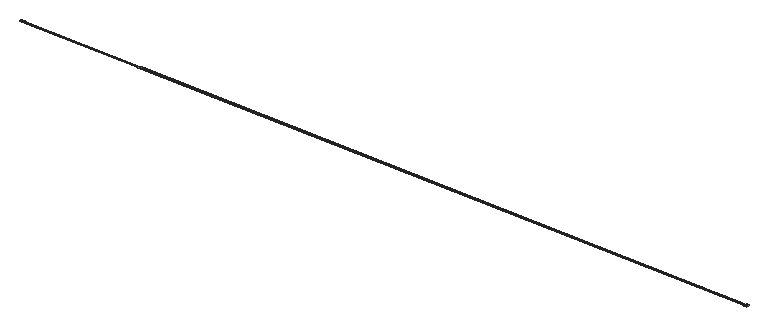
Revit family "0068188", category Lighting Fixtures, host Face, Revit 2017 (continued)
Forms (mm)
  Extrusion 52, solid
    sketch origin (4396.767, 0, 0) x (1, 0, 0) y (0, 1, 0)
      loop
        line (96.9, -1.7) -> (96.9, 1.7) -> (94.1, 1.7) -> (94.1, -1.7) -> (96.9, -1.7)
    from -1.2 to 0
  Extrusion 53, solid
    sketch origin (4496.694, 0, 0) x (1, 0, 0) y (0, 1, 0)
      loop
        line (9.4, -1.7) -> (9.4, 1.7) -> (6.6, 1.7) -> (6.6, -1.7) -> (9.4, -1.7)
      loop
        line (19.1, 1.7) -> (19.1, -1.7) -> (21.9, -1.7) -> (21.9, 1.7) -> (19.1, 1.7)
      loop
        line (34.4, -1.7) -> (34.4, 1.7) -> (31.6, 1.7) -> (31.6, -1.7) -> (34.4, -1.7)
      loop
        line (46.9, -1.7) -> (46.9, 1.7) -> (44.1, 1.7) -> (44.1, -1.7) -> (46.9, -1.7)
      loop
        line (59.4, -1.7) -> (59.4, 1.7) -> (56.6, 1.7) -> (56.6, -1.7) -> (59.4, -1.7)
      loop
        line (71.9, -1.7) -> (71.9, 1.7) -> (69.1, 1.7) -> (69.1, -1.7) -> (71.9, -1.7)
      loop
        line (84.4, -1.7) -> (84.4, 1.7) -> (81.6, 1.7) -> (81.6, -1.7) -> (84.4, -1.7)
      loop
        line (96.9, -1.7) -> (96.9, 1.7) -> (94.1, 1.7) -> (94.1, -1.7) -> (96.9, -1.7)
    from -1.2 to 0
  Extrusion 54, solid
    sketch origin (4596.62, 0, 0) x (1, 0, 0) y (0, 1, 0)
      loop
        line (9.4, -1.7) -> (9.4, 1.7) -> (6.6, 1.7) -> (6.6, -1.7) -> (9.4, -1.7)
      loop
        line (19.1, 1.7) -> (19.1, -1.7) -> (21.9, -1.7) -> (21.9, 1.7) -> (19.1, 1.7)
      loop
        line (34.4, -1.7) -> (34.4, 1.7) -> (31.6, 1.7) -> (31.6, -1.7) -> (34.4, -1.7)
      loop
        line (46.9, -1.7) -> (46.9, 1.7) -> (44.1, 1.7) -> (44.1, -1.7) -> (46.9, -1.7)
      loop
        line (59.4, -1.7) -> (59.4, 1.7) -> (56.6, 1.7) -> (56.6, -1.7) -> (59.4, -1.7)
      loop
        line (71.9, -1.7) -> (71.9, 1.7) -> (69.1, 1.7) -> (69.1, -1.7) -> (71.9, -1.7)
      loop
        line (84.4, -1.7) -> (84.4, 1.7) -> (81.6, 1.7) -> (81.6, -1.7) -> (84.4, -1.7)
      loop
        line (96.9, -1.7) -> (96.9, 1.7) -> (94.1, 1.7) -> (94.1, -1.7) -> (96.9, -1.7)
    from -1.2 to 0
  Extrusion 55, solid
    sketch origin (4696.547, 0, 0) x (1, 0, 0) y (0, 1, 0)
      loop
        line (9.4, -1.7) -> (9.4, 1.7) -> (6.6, 1.7) -> (6.6, -1.7) -> (9.4, -1.7)
      loop
        line (19.1, 1.7) -> (19.1, -1.7) -> (21.9, -1.7) -> (21.9, 1.7) -> (19.1, 1.7)
      loop
        line (34.4, -1.7) -> (34.4, 1.7) -> (31.6, 1.7) -> (31.6, -1.7) -> (34.4, -1.7)
      loop
        line (46.9, -1.7) -> (46.9, 1.7) -> (44.1, 1.7) -> (44.1, -1.7) -> (46.9, -1.7)
      loop
        line (59.4, -1.7) -> (59.4, 1.7) -> (56.6, 1.7) -> (56.6, -1.7) -> (59.4, -1.7)
      loop
        line (71.9, -1.7) -> (71.9, 1.7) -> (69.1, 1.7) -> (69.1, -1.7) -> (71.9, -1.7)
      loop
        line (84.4, -1.7) -> (84.4, 1.7) -> (81.6, 1.7) -> (81.6, -1.7) -> (84.4, -1.7)
      loop
        line (96.9, -1.7) -> (96.9, 1.7) -> (94.1, 1.7) -> (94.1, -1.7) -> (96.9, -1.7)
    from -1.2 to 0
  Extrusion 56, solid
    sketch origin (4796.473, 0, 0) x (1, 0, 0) y (0, 1, 0)
      loop
        line (9.4, -1.7) -> (9.4, 1.7) -> (6.6, 1.7) -> (6.6, -1.7) -> (9.4, -1.7)
      loop
        line (19.1, 1.7) -> (19.1, -1.7) -> (21.9, -1.7) -> (21.9, 1.7) -> (19.1, 1.7)
      loop
        line (34.4, -1.7) -> (34.4, 1.7) -> (31.6, 1.7) -> (31.6, -1.7) -> (34.4, -1.7)
      loop
        line (46.9, -1.7) -> (46.9, 1.7) -> (44.1, 1.7) -> (44.1, -1.7) -> (46.9, -1.7)
      loop
        line (59.4, -1.7) -> (59.4, 1.7) -> (56.6, 1.7) -> (56.6, -1.7) -> (59.4, -1.7)
      loop
        line (71.9, -1.7) -> (71.9, 1.7) -> (69.1, 1.7) -> (69.1, -1.7) -> (71.9, -1.7)
      loop
        line (84.4, -1.7) -> (84.4, 1.7) -> (81.6, 1.7) -> (81.6, -1.7) -> (84.4, -1.7)
      loop
        line (96.9, -1.7) -> (96.9, 1.7) -> (94.1, 1.7) -> (94.1, -1.7) -> (96.9, -1.7)
    from -1.2 to 0
  Extrusion 57, solid
    sketch origin (4896.4, 0, 0) x (1, 0, 0) y (0, 1, 0)
      loop
        line (52.9, -1.5) -> (52.9, 1.5) -> (50.6, 1.5) -> (50.6, -1.5) -> (52.9, -1.5)
    from -1.2 to -0.5
  Extrusion 58, solid
    sketch origin (99.927, 0, 0) x (1, 0, 0) y (0, 1, 0)
      loop
        line (52.9, -1.5) -> (52.9, 1.5) -> (50.6, 1.5) -> (50.6, -1.5) -> (52.9, -1.5)
    from -1.2 to -0.5
  Extrusion 59, solid
    sketch origin (199.853, 0, 0) x (1, 0, 0) y (0, 1, 0)
      loop
        line (52.9, -1.5) -> (52.9, 1.5) -> (50.6, 1.5) -> (50.6, -1.5) -> (52.9, -1.5)
    from -1.2 to -0.5
  Extrusion 60, solid
    sketch origin (299.78, 0, 0) x (1, 0, 0) y (0, 1, 0)
      loop
        line (52.9, -1.5) -> (52.9, 1.5) -> (50.6, 1.5) -> (50.6, -1.5) -> (52.9, -1.5)
    from -1.2 to -0.5
  Extrusion 61, solid
    sketch origin (399.706, 0, 0) x (1, 0, 0) y (0, 1, 0)
      loop
        line (52.9, -1.5) -> (52.9, 1.5) -> (50.6, 1.5) -> (50.6, -1.5) -> (52.9, -1.5)
    from -1.2 to -0.5
  Extrusion 62, solid
    sketch origin (499.633, 0, 0) x (1, 0, 0) y (0, 1, 0)
      loop
        line (52.9, -1.5) -> (52.9, 1.5) -> (50.6, 1.5) -> (50.6, -1.5) -> (52.9, -1.5)
    from -1.2 to -0.5
  Extrusion 63, solid
    sketch origin (599.559, 0, 0) x (1, 0, 0) y (0, 1, 0)
      loop
        line (52.9, -1.5) -> (52.9, 1.5) -> (50.6, 1.5) -> (50.6, -1.5) -> (52.9, -1.5)
    from -1.2 to -0.5
  Extrusion 64, solid
    sketch origin (699.486, 0, 0) x (1, 0, 0) y (0, 1, 0)
      loop
        line (52.9, -1.5) -> (52.9, 1.5) -> (50.6, 1.5) -> (50.6, -1.5) -> (52.9, -1.5)
    from -1.2 to -0.5
  Extrusion 65, solid
    sketch origin (799.412, 0, 0) x (1, 0, 0) y (0, 1, 0)
      loop
        line (52.9, -1.5) -> (52.9, 1.5) -> (50.6, 1.5) -> (50.6, -1.5) -> (52.9, -1.5)
    from -1.2 to -0.5
  Extrusion 66, solid
    sketch origin (899.339, 0, 0) x (1, 0, 0) y (0, 1, 0)
      loop
        line (52.9, -1.5) -> (52.9, 1.5) -> (50.6, 1.5) -> (50.6, -1.5) -> (52.9, -1.5)
    from -1.2 to -0.5
  Extrusion 67, solid
    sketch origin (999.265, 0, 0) x (1, 0, 0) y (0, 1, 0)
      loop
        line (52.9, -1.5) -> (52.9, 1.5) -> (50.6, 1.5) -> (50.6, -1.5) -> (52.9, -1.5)
    from -1.2 to -0.5
  Extrusion 68, solid
    sketch origin (1099.192, 0, 0) x (1, 0, 0) y (0, 1, 0)
      loop
        line (52.9, -1.5) -> (52.9, 1.5) -> (50.6, 1.5) -> (50.6, -1.5) -> (52.9, -1.5)
    from -1.2 to -0.5
  Extrusion 69, solid
    sketch origin (1199.118, 0, 0) x (1, 0, 0) y (0, 1, 0)
      loop
        line (52.9, -1.5) -> (52.9, 1.5) -> (50.6, 1.5) -> (50.6, -1.5) -> (52.9, -1.5)
    from -1.2 to -0.5
  Extrusion 70, solid
    sketch origin (1299.045, 0, 0) x (1, 0, 0) y (0, 1, 0)
      loop
        line (52.9, -1.5) -> (52.9, 1.5) -> (50.6, 1.5) -> (50.6, -1.5) -> (52.9, -1.5)
    from -1.2 to -0.5
  Extrusion 71, solid
    sketch origin (1398.971, 0, 0) x (1, 0, 0) y (0, 1, 0)
      loop
        line (52.9, -1.5) -> (52.9, 1.5) -> (50.6, 1.5) -> (50.6, -1.5) -> (52.9, -1.5)
    from -1.2 to -0.5
  Extrusion 72, solid
    sketch origin (1498.898, 0, 0) x (1, 0, 0) y (0, 1, 0)
      loop
        line (52.9, -1.5) -> (52.9, 1.5) -> (50.6, 1.5) -> (50.6, -1.5) -> (52.9, -1.5)
    from -1.2 to -0.5
  Extrusion 73, solid
    sketch origin (1598.824, 0, 0) x (1, 0, 0) y (0, 1, 0)
      loop
        line (52.9, -1.5) -> (52.9, 1.5) -> (50.6, 1.5) -> (50.6, -1.5) -> (52.9, -1.5)
    from -1.2 to -0.5
  Extrusion 74, solid
    sketch origin (1698.751, 0, 0) x (1, 0, 0) y (0, 1, 0)
      loop
        line (52.9, -1.5) -> (52.9, 1.5) -> (50.6, 1.5) -> (50.6, -1.5) -> (52.9, -1.5)
    from -1.2 to -0.5
  Extrusion 75, solid
    sketch origin (1798.678, 0, 0) x (1, 0, 0) y (0, 1, 0)
      loop
        line (52.9, -1.5) -> (52.9, 1.5) -> (50.6, 1.5) -> (50.6, -1.5) -> (52.9, -1.5)
    from -1.2 to -0.5
  Extrusion 76, solid
    sketch origin (1898.604, 0, 0) x (1, 0, 0) y (0, 1, 0)
      loop
        line (52.9, -1.5) -> (52.9, 1.5) -> (50.6, 1.5) -> (50.6, -1.5) -> (52.9, -1.5)
    from -1.2 to -0.5
  Extrusion 77, solid
    sketch origin (1998.531, 0, 0) x (1, 0, 0) y (0, 1, 0)
      loop
        line (52.9, -1.5) -> (52.9, 1.5) -> (50.6, 1.5) -> (50.6, -1.5) -> (52.9, -1.5)
    from -1.2 to -0.5
  Extrusion 78, solid
    sketch origin (2098.457, 0, 0) x (1, 0, 0) y (0, 1, 0)
      loop
        line (52.9, -1.5) -> (52.9, 1.5) -> (50.6, 1.5) -> (50.6, -1.5) -> (52.9, -1.5)
    from -1.2 to -0.5
  Extrusion 79, solid
    sketch origin (2198.384, 0, 0) x (1, 0, 0) y (0, 1, 0)
      loop
        line (52.9, -1.5) -> (52.9, 1.5) -> (50.6, 1.5) -> (50.6, -1.5) -> (52.9, -1.5)
    from -1.2 to -0.5
  Extrusion 80, solid
    sketch origin (2298.31, 0, 0) x (1, 0, 0) y (0, 1, 0)
      loop
        line (52.9, -1.5) -> (52.9, 1.5) -> (50.6, 1.5) -> (50.6, -1.5) -> (52.9, -1.5)
    from -1.2 to -0.5
  Extrusion 81, solid
    sketch origin (2398.237, 0, 0) x (1, 0, 0) y (0, 1, 0)
      loop
        line (52.9, -1.5) -> (52.9, 1.5) -> (50.6, 1.5) -> (50.6, -1.5) -> (52.9, -1.5)
    from -1.2 to -0.5
  Extrusion 82, solid
    sketch origin (2498.163, 0, 0) x (1, 0, 0) y (0, 1, 0)
      loop
        line (52.9, -1.5) -> (52.9, 1.5) -> (50.6, 1.5) -> (50.6, -1.5) -> (52.9, -1.5)
    from -1.2 to -0.5
  Extrusion 83, solid
    sketch origin (2598.09, 0, 0) x (1, 0, 0) y (0, 1, 0)
      loop
        line (52.9, -1.5) -> (52.9, 1.5) -> (50.6, 1.5) -> (50.6, -1.5) -> (52.9, -1.5)
    from -1.2 to -0.5
  Extrusion 84, solid
    sketch origin (2698.016, 0, 0) x (1, 0, 0) y (0, 1, 0)
      loop
        line (52.9, -1.5) -> (52.9, 1.5) -> (50.6, 1.5) -> (50.6, -1.5) -> (52.9, -1.5)
    from -1.2 to -0.5
  Extrusion 85, solid
    sketch origin (2797.943, 0, 0) x (1, 0, 0) y (0, 1, 0)
      loop
        line (52.9, -1.5) -> (52.9, 1.5) -> (50.6, 1.5) -> (50.6, -1.5) -> (52.9, -1.5)
    from -1.2 to -0.5
  Extrusion 86, solid
    sketch origin (2897.869, 0, 0) x (1, 0, 0) y (0, 1, 0)
      loop
        line (52.9, -1.5) -> (52.9, 1.5) -> (50.6, 1.5) -> (50.6, -1.5) -> (52.9, -1.5)
    from -1.2 to -0.5
  Extrusion 87, solid
    sketch origin (2997.796, 0, 0) x (1, 0, 0) y (0, 1, 0)
      loop
        line (52.9, -1.5) -> (52.9, 1.5) -> (50.6, 1.5) -> (50.6, -1.5) -> (52.9, -1.5)
    from -1.2 to -0.5
  Extrusion 88, solid
    sketch origin (3097.722, 0, 0) x (1, 0, 0) y (0, 1, 0)
      loop
        line (52.9, -1.5) -> (52.9, 1.5) -> (50.6, 1.5) -> (50.6, -1.5) -> (52.9, -1.5)
    from -1.2 to -0.5
  Extrusion 89, solid
    sketch origin (3197.649, 0, 0) x (1, 0, 0) y (0, 1, 0)
      loop
        line (52.9, -1.5) -> (52.9, 1.5) -> (50.6, 1.5) -> (50.6, -1.5) -> (52.9, -1.5)
    from -1.2 to -0.5
  Extrusion 90, solid
    sketch origin (3297.576, 0, 0) x (1, 0, 0) y (0, 1, 0)
      loop
        line (52.9, -1.5) -> (52.9, 1.5) -> (50.6, 1.5) -> (50.6, -1.5) -> (52.9, -1.5)
    from -1.2 to -0.5
  Extrusion 91, solid
    sketch origin (3397.502, 0, 0) x (1, 0, 0) y (0, 1, 0)
      loop
        line (52.9, -1.5) -> (52.9, 1.5) -> (50.6, 1.5) -> (50.6, -1.5) -> (52.9, -1.5)
    from -1.2 to -0.5
  Extrusion 92, solid
    sketch origin (3497.429, 0, 0) x (1, 0, 0) y (0, 1, 0)
      loop
        line (52.9, -1.5) -> (52.9, 1.5) -> (50.6, 1.5) -> (50.6, -1.5) -> (52.9, -1.5)
    from -1.2 to -0.5
  Extrusion 93, solid
    sketch origin (3597.355, 0, 0) x (1, 0, 0) y (0, 1, 0)
      loop
        line (52.9, -1.5) -> (52.9, 1.5) -> (50.6, 1.5) -> (50.6, -1.5) -> (52.9, -1.5)
    from -1.2 to -0.5
  Extrusion 94, solid
    sketch origin (3697.282, 0, 0) x (1, 0, 0) y (0, 1, 0)
      loop
        line (52.9, -1.5) -> (52.9, 1.5) -> (50.6, 1.5) -> (50.6, -1.5) -> (52.9, -1.5)
    from -1.2 to -0.5
  Extrusion 95, solid
    sketch origin (3797.208, 0, 0) x (1, 0, 0) y (0, 1, 0)
      loop
        line (52.9, -1.5) -> (52.9, 1.5) -> (50.6, 1.5) -> (50.6, -1.5) -> (52.9, -1.5)
    from -1.2 to -0.5
  Extrusion 96, solid
    sketch origin (3897.135, 0, 0) x (1, 0, 0) y (0, 1, 0)
      loop
        line (52.9, -1.5) -> (52.9, 1.5) -> (50.6, 1.5) -> (50.6, -1.5) -> (52.9, -1.5)
    from -1.2 to -0.5
  Extrusion 97, solid
    sketch origin (3997.061, 0, 0) x (1, 0, 0) y (0, 1, 0)
      loop
        line (52.9, -1.5) -> (52.9, 1.5) -> (50.6, 1.5) -> (50.6, -1.5) -> (52.9, -1.5)
    from -1.2 to -0.5
  Extrusion 98, solid
    sketch origin (4096.988, 0, 0) x (1, 0, 0) y (0, 1, 0)
      loop
        line (52.9, -1.5) -> (52.9, 1.5) -> (50.6, 1.5) -> (50.6, -1.5) -> (52.9, -1.5)
    from -1.2 to -0.5
  Extrusion 99, solid
    sketch origin (4196.914, 0, 0) x (1, 0, 0) y (0, 1, 0)
      loop
        line (52.9, -1.5) -> (52.9, 1.5) -> (50.6, 1.5) -> (50.6, -1.5) -> (52.9, -1.5)
    from -1.2 to -0.5
  Extrusion 100, solid
    sketch origin (4296.841, 0, 0) x (1, 0, 0) y (0, 1, 0)
      loop
        line (52.9, -1.5) -> (52.9, 1.5) -> (50.6, 1.5) -> (50.6, -1.5) -> (52.9, -1.5)
    from -1.2 to -0.5
  Extrusion 101, solid
    sketch origin (4396.767, 0, 0) x (1, 0, 0) y (0, 1, 0)
      loop
        line (52.9, -1.5) -> (52.9, 1.5) -> (50.6, 1.5) -> (50.6, -1.5) -> (52.9, -1.5)
    from -1.2 to -0.5
  Extrusion 102, solid
    sketch origin (4496.694, 0, 0) x (1, 0, 0) y (0, 1, 0)
      loop
        line (52.9, -1.5) -> (52.9, 1.5) -> (50.6, 1.5) -> (50.6, -1.5) -> (52.9, -1.5)
    from -1.2 to -0.5
  Extrusion 103, solid
    sketch origin (4596.62, 0, 0) x (1, 0, 0) y (0, 1, 0)
      loop
        line (52.9, -1.5) -> (52.9, 1.5) -> (50.6, 1.5) -> (50.6, -1.5) -> (52.9, -1.5)
    from -1.2 to -0.5
  Extrusion 104, solid
    sketch origin (4696.547, 0, 0) x (1, 0, 0) y (0, 1, 0)
      loop
        line (52.9, -1.5) -> (52.9, 1.5) -> (50.6, 1.5) -> (50.6, -1.5) -> (52.9, -1.5)
    from -1.2 to -0.5
  Extrusion 105, solid
    sketch origin (4796.473, 0, 0) x (1, 0, 0) y (0, 1, 0)
      loop
        line (52.9, -1.5) -> (52.9, 1.5) -> (50.6, 1.5) -> (50.6, -1.5) -> (52.9, -1.5)
    from -1.2 to -0.5
  Extrusion 106, solid, material "Default" <- "Material_1_SYL"
    sketch origin (0, 0, 0) x (1, 0, 0) y (0, 1, 0)
      loop
        line (-12, 7) -> (-12, -7) -> (0, -7) -> (0, 7) -> (-12, 7)
      loop
        line (5000, 7) -> (5000, -7) -> (5012, -7) -> (5012, 7) -> (5000, 7)
    from -2.6 to 3.4
  Extrusion 107, solid, material "Default New Material" <- "Material_3_SYL"
    sketch origin (0, 0, 0) x (1, 0, 0) y (0, 1, 0)
      loop
        line (0, -6) -> (5000, -6) -> (5000, 6) -> (0, 6) -> (0, -6)
    from -1.6 to 2.4
Dimensions and locks
  "CABLE_LENGHT_SYL": plane 8 to plane 3 "Center (Left/Right)"
  "CABLE_FIX_SYL": plane 3 "Center (Left/Right)" to plane 7
  "LUM_WIDTH_SYL": plane 6 to plane 1 "Center (Front/Back)" to plane 5
  "CABLE_BLEND_SYL": plane 9 to plane 3 "Center (Left/Right)"  (x2)
  "CABLE_END_SYL": plane 8 to plane 10
  "LUM_LENGHT_SYL": plane 3 "Center (Left/Right)" to plane 4
  "CABLE_DIST_SYL": plane 12 to plane 1 "Center (Front/Back)" to plane 11
  "CABLE_DIST2_SYL": plane 13 to plane 5
  "CABLE_DIST2_SYL": plane 6 to plane 14
  "LED_CH_S_WIDTH_SYL": plane 18 to plane 1 "Center (Front/Back)" to plane 17
  "LED_CH_L_WIDTH_SYL": plane 16 to plane 1 "Center (Front/Back)" to plane 15
  "PHOTOMETRY1_SYL": imposter light to plane 4
  "PHOTOMETRY2_SYL": imposter light to Extrusion 1
  "LED_CH_L_DIST1_SYL": plane 3 "Center (Left/Right)" to plane 19  (x2)
  "LED_CH_L_DIST_SYL": plane 19 to plane 20 to plane 21 to plane 22 to plane 23 to plane 24 to plane 25 to plane 26
  "LED_CH_S_DEPTH1_SYL": plane 19 to plane 43
  "LED_CH_S_DEPTH2_SYL": plane 44 to plane 19
  equal spacing: group 1, group 3, group 4, group 5, group 6, group 7, group 8, group 9, group 10, group 11, group 12, group 13, group 14, group 15, group 16, group 17, group 18, group 19, group 20, group 21, group 22, group 23, group 24, group 25, group 26, group 27, group 28, group 29, group 30, group 31, group 32, group 33, group 34, group 35, group 36, group 37, group 38, group 39, group 40, group 41, group 42, group 43, group 44, group 45, group 46, group 47, group 48, group 49, group 50, group 2  (x3)
  equal spacing: group 51, group 53, group 54, group 55, group 56, group 57, group 58, group 59, group 60, group 61, group 62, group 63, group 64, group 65, group 66, group 67, group 68, group 69, group 70, group 71, group 72, group 73, group 74, group 75, group 76, group 77, group 78, group 79, group 80, group 81, group 82, group 83, group 84, group 85, group 86, group 87, group 88, group 89, group 90, group 91, group 92, group 93, group 94, group 95, group 96, group 97, group 98, group 99, group 100, group 52  (x3)
  "CABLE_BLEND_SYL": plane 4 to plane 45
  aligned and locked: host face to plane 2
  aligned and locked: host face to level
  aligned and locked: Extrusion 1 sketch curve to plane 4
  aligned and locked: plane 3 "Center (Left/Right)" to Extrusion 1 sketch curve
  aligned and locked: Revolve 4 sketch curve to plane 11
  aligned and locked: Sweep 2 to Revolve 4 sketch curve
  aligned and locked: plane 8 to Revolve 4 sketch curve
  aligned and locked: Revolve 5 sketch curve to plane 12  (x2)
  aligned and locked: Revolve 5 sketch curve to Sweep 3
  aligned and locked: Revolve 5 sketch curve to plane 8
  aligned and locked: plane 47 to Extrusion 106 sketch curve  (x2)
  aligned and locked: plane 9 to Extrusion 106 sketch curve
  aligned and locked: Extrusion 106 sketch curve to plane 46  (x2)
  aligned and locked: Extrusion 106 sketch curve to plane 3 "Center (Left/Right)"
  aligned and locked: plane 4 to Extrusion 106 sketch curve
  aligned and locked: Extrusion 106 sketch curve to plane 45
  aligned and locked: plane 49 to Extrusion 107 sketch curve
  aligned and locked: Extrusion 107 sketch curve to plane 48
  aligned and locked: plane 4 to Extrusion 107 sketch curve
  aligned and locked: Extrusion 107 sketch curve to plane 3 "Center (Left/Right)"
Automatic sketch dimensions
  plane 6 to Extrusion 1 sketch curve = 0 mm
  plane 5 to Extrusion 1 sketch curve = 0 mm
  Sweep 2 sketch curve to plane 10 = 0 mm
  Sweep 2 sketch curve to plane 9 = 0 mm
  Sweep 3 sketch curve to plane 10 = 0 mm
  Sweep 3 sketch curve to plane 9 = 0 mm
  plane 12 to Sweep 3 sketch curve = 0 mm
  level to Sweep 3 sketch curve = 0 mm
  Sweep 3 sketch curve to profile plane = 0 mm
  Sweep 2 sketch curve to level = 0 mm
  Sweep 2 sketch curve to profile plane = 0 mm
  host sketch curve to host sketch curve = 6451.645 mm
  host sketch curve to host sketch curve = 2438.4 mm
  plane 16 to Revolve 5 sketch curve = 0.723 mm
  Revolve 5 sketch curve to plane 8 = 1324 mm
  Revolve 4 sketch curve to plane 11 = 0 mm
  Revolve 4 sketch curve to plane 15 = 0.744 mm
  Revolve 4 sketch curve to plane 8 = 1324 mm
  plane 7 to Revolve 4 sketch curve = 1556.2 mm
  plane 7 to Revolve 5 sketch curve = 1556.2 mm
  Extrusion 6 sketch curve to Extrusion 6 sketch curve = 2.8 mm  (x8)
  Extrusion 6 sketch curve to Extrusion 6 sketch curve = 9.7 mm  (x7)
  Extrusion 6 sketch curve to Extrusion 6 sketch curve = 0 mm  (x7)
  Extrusion 6 sketch curve to Extrusion 6 sketch curve = 3.4 mm  (x8)
  Extrusion 8 sketch curve to Extrusion 8 sketch curve = 2.8 mm  (x8)
  Extrusion 8 sketch curve to Extrusion 8 sketch curve = 9.7 mm  (x7)
  Extrusion 8 sketch curve to Extrusion 8 sketch curve = 0 mm  (x7)
  Extrusion 8 sketch curve to Extrusion 8 sketch curve = 3.4 mm  (x8)
  Extrusion 9 sketch curve to Extrusion 9 sketch curve = 2.8 mm  (x8)
  Extrusion 9 sketch curve to Extrusion 9 sketch curve = 9.7 mm  (x7)
  Extrusion 9 sketch curve to Extrusion 9 sketch curve = 0 mm  (x7)
  Extrusion 9 sketch curve to Extrusion 9 sketch curve = 3.4 mm  (x8)
  Extrusion 10 sketch curve to Extrusion 10 sketch curve = 2.8 mm  (x8)
  Extrusion 10 sketch curve to Extrusion 10 sketch curve = 9.7 mm  (x7)
  Extrusion 10 sketch curve to Extrusion 10 sketch curve = 0 mm  (x7)
  Extrusion 10 sketch curve to Extrusion 10 sketch curve = 3.4 mm  (x8)
  Extrusion 11 sketch curve to Extrusion 11 sketch curve = 2.8 mm  (x8)
  Extrusion 11 sketch curve to Extrusion 11 sketch curve = 9.7 mm  (x7)
  Extrusion 11 sketch curve to Extrusion 11 sketch curve = 0 mm  (x7)
  Extrusion 11 sketch curve to Extrusion 11 sketch curve = 3.4 mm  (x8)
  Extrusion 12 sketch curve to Extrusion 12 sketch curve = 2.8 mm  (x8)
  Extrusion 12 sketch curve to Extrusion 12 sketch curve = 9.7 mm  (x7)
  Extrusion 12 sketch curve to Extrusion 12 sketch curve = 0 mm  (x7)
  Extrusion 12 sketch curve to Extrusion 12 sketch curve = 3.4 mm  (x8)
  Extrusion 13 sketch curve to Extrusion 13 sketch curve = 2.8 mm  (x8)
  Extrusion 13 sketch curve to Extrusion 13 sketch curve = 9.7 mm  (x7)
  Extrusion 13 sketch curve to Extrusion 13 sketch curve = 0 mm  (x7)
  Extrusion 13 sketch curve to Extrusion 13 sketch curve = 3.4 mm  (x8)
  Extrusion 14 sketch curve to Extrusion 14 sketch curve = 2.8 mm  (x8)
  Extrusion 14 sketch curve to Extrusion 14 sketch curve = 9.7 mm  (x7)
  Extrusion 14 sketch curve to Extrusion 14 sketch curve = 0 mm  (x7)
  Extrusion 14 sketch curve to Extrusion 14 sketch curve = 3.4 mm  (x8)
  Extrusion 15 sketch curve to Extrusion 15 sketch curve = 2.8 mm  (x8)
  Extrusion 15 sketch curve to Extrusion 15 sketch curve = 9.7 mm  (x7)
  Extrusion 15 sketch curve to Extrusion 15 sketch curve = 0 mm  (x7)
  Extrusion 15 sketch curve to Extrusion 15 sketch curve = 3.4 mm  (x8)
  Extrusion 16 sketch curve to Extrusion 16 sketch curve = 2.8 mm  (x8)
  Extrusion 16 sketch curve to Extrusion 16 sketch curve = 9.7 mm  (x7)
  Extrusion 16 sketch curve to Extrusion 16 sketch curve = 0 mm  (x7)
  Extrusion 16 sketch curve to Extrusion 16 sketch curve = 3.4 mm  (x8)
  Extrusion 17 sketch curve to Extrusion 17 sketch curve = 2.8 mm  (x8)
  Extrusion 17 sketch curve to Extrusion 17 sketch curve = 9.7 mm  (x7)
  Extrusion 17 sketch curve to Extrusion 17 sketch curve = 0 mm  (x7)
  Extrusion 17 sketch curve to Extrusion 17 sketch curve = 3.4 mm  (x8)
  Extrusion 18 sketch curve to Extrusion 18 sketch curve = 2.8 mm  (x8)
  Extrusion 18 sketch curve to Extrusion 18 sketch curve = 9.7 mm  (x7)
  Extrusion 18 sketch curve to Extrusion 18 sketch curve = 0 mm  (x7)
  Extrusion 18 sketch curve to Extrusion 18 sketch curve = 3.4 mm  (x8)
  Extrusion 19 sketch curve to Extrusion 19 sketch curve = 2.8 mm  (x8)
  Extrusion 19 sketch curve to Extrusion 19 sketch curve = 9.7 mm  (x7)
  Extrusion 19 sketch curve to Extrusion 19 sketch curve = 0 mm  (x7)
  Extrusion 19 sketch curve to Extrusion 19 sketch curve = 3.4 mm  (x8)
  Extrusion 20 sketch curve to Extrusion 20 sketch curve = 2.8 mm  (x8)
  Extrusion 20 sketch curve to Extrusion 20 sketch curve = 9.7 mm  (x7)
  Extrusion 20 sketch curve to Extrusion 20 sketch curve = 0 mm  (x7)
  Extrusion 20 sketch curve to Extrusion 20 sketch curve = 3.4 mm  (x8)
  Extrusion 21 sketch curve to Extrusion 21 sketch curve = 2.8 mm  (x8)
  Extrusion 21 sketch curve to Extrusion 21 sketch curve = 9.7 mm  (x7)
  Extrusion 21 sketch curve to Extrusion 21 sketch curve = 0 mm  (x7)
  Extrusion 21 sketch curve to Extrusion 21 sketch curve = 3.4 mm  (x8)
  Extrusion 22 sketch curve to Extrusion 22 sketch curve = 2.8 mm  (x8)
  Extrusion 22 sketch curve to Extrusion 22 sketch curve = 9.7 mm  (x7)
  Extrusion 22 sketch curve to Extrusion 22 sketch curve = 0 mm  (x7)
  Extrusion 22 sketch curve to Extrusion 22 sketch curve = 3.4 mm  (x8)
  Extrusion 23 sketch curve to Extrusion 23 sketch curve = 2.8 mm  (x8)
  Extrusion 23 sketch curve to Extrusion 23 sketch curve = 9.7 mm  (x7)
  Extrusion 23 sketch curve to Extrusion 23 sketch curve = 0 mm  (x7)
  Extrusion 23 sketch curve to Extrusion 23 sketch curve = 3.4 mm  (x8)
  Extrusion 24 sketch curve to Extrusion 24 sketch curve = 2.8 mm  (x8)
  Extrusion 24 sketch curve to Extrusion 24 sketch curve = 9.7 mm  (x7)
  Extrusion 24 sketch curve to Extrusion 24 sketch curve = 0 mm  (x7)
  Extrusion 24 sketch curve to Extrusion 24 sketch curve = 3.4 mm  (x8)
  Extrusion 25 sketch curve to Extrusion 25 sketch curve = 2.8 mm  (x8)
  Extrusion 25 sketch curve to Extrusion 25 sketch curve = 9.7 mm  (x7)
  Extrusion 25 sketch curve to Extrusion 25 sketch curve = 0 mm  (x7)
  Extrusion 25 sketch curve to Extrusion 25 sketch curve = 3.4 mm  (x8)
  Extrusion 26 sketch curve to Extrusion 26 sketch curve = 2.8 mm  (x8)
  Extrusion 26 sketch curve to Extrusion 26 sketch curve = 9.7 mm  (x7)
  Extrusion 26 sketch curve to Extrusion 26 sketch curve = 0 mm  (x7)
  Extrusion 26 sketch curve to Extrusion 26 sketch curve = 3.4 mm  (x8)
  Extrusion 27 sketch curve to Extrusion 27 sketch curve = 2.8 mm  (x8)
  Extrusion 27 sketch curve to Extrusion 27 sketch curve = 9.7 mm  (x7)
  Extrusion 27 sketch curve to Extrusion 27 sketch curve = 0 mm  (x7)
  Extrusion 27 sketch curve to Extrusion 27 sketch curve = 3.4 mm  (x8)
  Extrusion 28 sketch curve to Extrusion 28 sketch curve = 2.8 mm  (x8)
  Extrusion 28 sketch curve to Extrusion 28 sketch curve = 9.7 mm  (x7)
  Extrusion 28 sketch curve to Extrusion 28 sketch curve = 0 mm  (x7)
  Extrusion 28 sketch curve to Extrusion 28 sketch curve = 3.4 mm  (x8)
  Extrusion 29 sketch curve to Extrusion 29 sketch curve = 2.8 mm  (x8)
  Extrusion 29 sketch curve to Extrusion 29 sketch curve = 9.7 mm  (x7)
  Extrusion 29 sketch curve to Extrusion 29 sketch curve = 0 mm  (x7)
  Extrusion 29 sketch curve to Extrusion 29 sketch curve = 3.4 mm  (x8)
  Extrusion 30 sketch curve to Extrusion 30 sketch curve = 2.8 mm  (x8)
  Extrusion 30 sketch curve to Extrusion 30 sketch curve = 9.7 mm  (x7)
  Extrusion 30 sketch curve to Extrusion 30 sketch curve = 0 mm  (x7)
  Extrusion 30 sketch curve to Extrusion 30 sketch curve = 3.4 mm  (x8)
  Extrusion 31 sketch curve to Extrusion 31 sketch curve = 2.8 mm  (x8)
  Extrusion 31 sketch curve to Extrusion 31 sketch curve = 9.7 mm  (x7)
  Extrusion 31 sketch curve to Extrusion 31 sketch curve = 0 mm  (x7)
  Extrusion 31 sketch curve to Extrusion 31 sketch curve = 3.4 mm  (x8)
  Extrusion 32 sketch curve to Extrusion 32 sketch curve = 2.8 mm  (x8)
  Extrusion 32 sketch curve to Extrusion 32 sketch curve = 9.7 mm  (x7)
  Extrusion 32 sketch curve to Extrusion 32 sketch curve = 0 mm  (x7)
  Extrusion 32 sketch curve to Extrusion 32 sketch curve = 3.4 mm  (x8)
  Extrusion 33 sketch curve to Extrusion 33 sketch curve = 2.8 mm  (x8)
  Extrusion 33 sketch curve to Extrusion 33 sketch curve = 9.7 mm  (x7)
  Extrusion 33 sketch curve to Extrusion 33 sketch curve = 0 mm  (x7)
  Extrusion 33 sketch curve to Extrusion 33 sketch curve = 3.4 mm  (x8)
  Extrusion 34 sketch curve to Extrusion 34 sketch curve = 2.8 mm  (x8)
  Extrusion 34 sketch curve to Extrusion 34 sketch curve = 9.7 mm  (x7)
  Extrusion 34 sketch curve to Extrusion 34 sketch curve = 0 mm  (x7)
  Extrusion 34 sketch curve to Extrusion 34 sketch curve = 3.4 mm  (x8)
  Extrusion 35 sketch curve to Extrusion 35 sketch curve = 2.8 mm  (x8)
  Extrusion 35 sketch curve to Extrusion 35 sketch curve = 9.7 mm  (x7)
  Extrusion 35 sketch curve to Extrusion 35 sketch curve = 0 mm  (x7)
  Extrusion 35 sketch curve to Extrusion 35 sketch curve = 3.4 mm  (x8)
  Extrusion 36 sketch curve to Extrusion 36 sketch curve = 2.8 mm  (x8)
  Extrusion 36 sketch curve to Extrusion 36 sketch curve = 9.7 mm  (x7)
  Extrusion 36 sketch curve to Extrusion 36 sketch curve = 0 mm  (x7)
  Extrusion 36 sketch curve to Extrusion 36 sketch curve = 3.4 mm  (x8)
  Extrusion 37 sketch curve to Extrusion 37 sketch curve = 2.8 mm  (x8)
  Extrusion 37 sketch curve to Extrusion 37 sketch curve = 9.7 mm  (x7)
  Extrusion 37 sketch curve to Extrusion 37 sketch curve = 0 mm  (x7)
  Extrusion 37 sketch curve to Extrusion 37 sketch curve = 3.4 mm  (x8)
  Extrusion 38 sketch curve to Extrusion 38 sketch curve = 2.8 mm  (x8)
  Extrusion 38 sketch curve to Extrusion 38 sketch curve = 9.7 mm  (x7)
  Extrusion 38 sketch curve to Extrusion 38 sketch curve = 0 mm  (x7)
  Extrusion 38 sketch curve to Extrusion 38 sketch curve = 3.4 mm  (x8)
  Extrusion 39 sketch curve to Extrusion 39 sketch curve = 2.8 mm  (x8)
  Extrusion 39 sketch curve to Extrusion 39 sketch curve = 9.7 mm  (x7)
  Extrusion 39 sketch curve to Extrusion 39 sketch curve = 0 mm  (x7)
  Extrusion 39 sketch curve to Extrusion 39 sketch curve = 3.4 mm  (x8)
  Extrusion 40 sketch curve to Extrusion 40 sketch curve = 2.8 mm  (x8)
  Extrusion 40 sketch curve to Extrusion 40 sketch curve = 9.7 mm  (x7)
  Extrusion 40 sketch curve to Extrusion 40 sketch curve = 0 mm  (x7)
  Extrusion 40 sketch curve to Extrusion 40 sketch curve = 3.4 mm  (x8)
  Extrusion 41 sketch curve to Extrusion 41 sketch curve = 2.8 mm  (x8)
  Extrusion 41 sketch curve to Extrusion 41 sketch curve = 9.7 mm  (x7)
  Extrusion 41 sketch curve to Extrusion 41 sketch curve = 0 mm  (x7)
  Extrusion 41 sketch curve to Extrusion 41 sketch curve = 3.4 mm  (x8)
  Extrusion 42 sketch curve to Extrusion 42 sketch curve = 2.8 mm  (x8)
  Extrusion 42 sketch curve to Extrusion 42 sketch curve = 9.7 mm  (x7)
  Extrusion 42 sketch curve to Extrusion 42 sketch curve = 0 mm  (x7)
  Extrusion 42 sketch curve to Extrusion 42 sketch curve = 3.4 mm  (x8)
  Extrusion 43 sketch curve to Extrusion 43 sketch curve = 2.8 mm  (x8)
  Extrusion 43 sketch curve to Extrusion 43 sketch curve = 9.7 mm  (x7)
  Extrusion 43 sketch curve to Extrusion 43 sketch curve = 0 mm  (x7)
  Extrusion 43 sketch curve to Extrusion 43 sketch curve = 3.4 mm  (x8)
  Extrusion 44 sketch curve to Extrusion 44 sketch curve = 2.8 mm  (x8)
  Extrusion 44 sketch curve to Extrusion 44 sketch curve = 9.7 mm  (x7)
  Extrusion 44 sketch curve to Extrusion 44 sketch curve = 0 mm  (x7)
  Extrusion 44 sketch curve to Extrusion 44 sketch curve = 3.4 mm  (x8)
  Extrusion 45 sketch curve to Extrusion 45 sketch curve = 2.8 mm  (x8)
  Extrusion 45 sketch curve to Extrusion 45 sketch curve = 9.7 mm  (x7)
  Extrusion 45 sketch curve to Extrusion 45 sketch curve = 0 mm  (x7)
  Extrusion 45 sketch curve to Extrusion 45 sketch curve = 3.4 mm  (x8)
  Extrusion 46 sketch curve to Extrusion 46 sketch curve = 2.8 mm  (x8)
  Extrusion 46 sketch curve to Extrusion 46 sketch curve = 9.7 mm  (x7)
  Extrusion 46 sketch curve to Extrusion 46 sketch curve = 0 mm  (x7)
  Extrusion 46 sketch curve to Extrusion 46 sketch curve = 3.4 mm  (x8)
  Extrusion 47 sketch curve to Extrusion 47 sketch curve = 2.8 mm  (x8)
  Extrusion 47 sketch curve to Extrusion 47 sketch curve = 9.7 mm  (x7)
  Extrusion 47 sketch curve to Extrusion 47 sketch curve = 0 mm  (x7)
  Extrusion 47 sketch curve to Extrusion 47 sketch curve = 3.4 mm  (x8)
  Extrusion 48 sketch curve to Extrusion 48 sketch curve = 2.8 mm  (x8)
  Extrusion 48 sketch curve to Extrusion 48 sketch curve = 9.7 mm  (x7)
  Extrusion 48 sketch curve to Extrusion 48 sketch curve = 0 mm  (x7)
  Extrusion 48 sketch curve to Extrusion 48 sketch curve = 3.4 mm  (x8)
  Extrusion 49 sketch curve to Extrusion 49 sketch curve = 2.8 mm  (x8)
  Extrusion 49 sketch curve to Extrusion 49 sketch curve = 9.7 mm  (x7)
  Extrusion 49 sketch curve to Extrusion 49 sketch curve = 0 mm  (x7)
  Extrusion 49 sketch curve to Extrusion 49 sketch curve = 3.4 mm  (x8)
  Extrusion 50 sketch curve to Extrusion 50 sketch curve = 2.8 mm  (x8)
  Extrusion 50 sketch curve to Extrusion 50 sketch curve = 9.7 mm  (x7)
  Extrusion 50 sketch curve to Extrusion 50 sketch curve = 0 mm  (x7)
  Extrusion 50 sketch curve to Extrusion 50 sketch curve = 3.4 mm  (x8)
  Extrusion 51 sketch curve to Extrusion 51 sketch curve = 2.8 mm  (x8)
  Extrusion 51 sketch curve to Extrusion 51 sketch curve = 9.7 mm  (x7)
  Extrusion 51 sketch curve to Extrusion 51 sketch curve = 0 mm  (x7)
  Extrusion 51 sketch curve to Extrusion 51 sketch curve = 3.4 mm  (x8)
  Extrusion 52 sketch curve to Extrusion 52 sketch curve = 2.8 mm  (x8)
  Extrusion 52 sketch curve to Extrusion 52 sketch curve = 9.7 mm  (x7)
  Extrusion 52 sketch curve to Extrusion 52 sketch curve = 0 mm  (x7)
  Extrusion 52 sketch curve to Extrusion 52 sketch curve = 3.4 mm  (x8)
  Extrusion 53 sketch curve to Extrusion 53 sketch curve = 2.8 mm  (x8)
  Extrusion 53 sketch curve to Extrusion 53 sketch curve = 9.7 mm  (x7)
  Extrusion 53 sketch curve to Extrusion 53 sketch curve = 0 mm  (x7)
  Extrusion 53 sketch curve to Extrusion 53 sketch curve = 3.4 mm  (x8)
  Extrusion 54 sketch curve to Extrusion 54 sketch curve = 2.8 mm  (x8)
  Extrusion 54 sketch curve to Extrusion 54 sketch curve = 9.7 mm  (x7)
  Extrusion 54 sketch curve to Extrusion 54 sketch curve = 0 mm  (x7)
  Extrusion 54 sketch curve to Extrusion 54 sketch curve = 3.4 mm  (x8)
  Extrusion 55 sketch curve to Extrusion 55 sketch curve = 2.8 mm  (x8)
  Extrusion 55 sketch curve to Extrusion 55 sketch curve = 9.7 mm  (x7)
  Extrusion 55 sketch curve to Extrusion 55 sketch curve = 0 mm  (x7)
  Extrusion 55 sketch curve to Extrusion 55 sketch curve = 3.4 mm  (x8)
  Extrusion 56 sketch curve to Extrusion 56 sketch curve = 2.8 mm  (x8)
  Extrusion 56 sketch curve to Extrusion 56 sketch curve = 9.7 mm  (x7)
  Extrusion 56 sketch curve to Extrusion 56 sketch curve = 0 mm  (x7)
  Extrusion 56 sketch curve to Extrusion 56 sketch curve = 3.4 mm  (x8)
  Extrusion 7 sketch curve to Extrusion 7 sketch curve = 2.3 mm
  Extrusion 7 sketch curve to Extrusion 7 sketch curve = 3 mm
  Extrusion 57 sketch curve to Extrusion 57 sketch curve = 2.3 mm
  Extrusion 57 sketch curve to Extrusion 57 sketch curve = 3 mm
  Extrusion 58 sketch curve to Extrusion 58 sketch curve = 2.3 mm
  Extrusion 58 sketch curve to Extrusion 58 sketch curve = 3 mm
  Extrusion 59 sketch curve to Extrusion 59 sketch curve = 2.3 mm
  Extrusion 59 sketch curve to Extrusion 59 sketch curve = 3 mm
  Extrusion 60 sketch curve to Extrusion 60 sketch curve = 2.3 mm
  Extrusion 60 sketch curve to Extrusion 60 sketch curve = 3 mm
  Extrusion 61 sketch curve to Extrusion 61 sketch curve = 2.3 mm
  Extrusion 61 sketch curve to Extrusion 61 sketch curve = 3 mm
  Extrusion 62 sketch curve to Extrusion 62 sketch curve = 2.3 mm
  Extrusion 62 sketch curve to Extrusion 62 sketch curve = 3 mm
  Extrusion 63 sketch curve to Extrusion 63 sketch curve = 2.3 mm
  Extrusion 63 sketch curve to Extrusion 63 sketch curve = 3 mm
  Extrusion 64 sketch curve to Extrusion 64 sketch curve = 2.3 mm
  Extrusion 64 sketch curve to Extrusion 64 sketch curve = 3 mm
  Extrusion 65 sketch curve to Extrusion 65 sketch curve = 2.3 mm
  Extrusion 65 sketch curve to Extrusion 65 sketch curve = 3 mm
  Extrusion 66 sketch curve to Extrusion 66 sketch curve = 2.3 mm
  Extrusion 66 sketch curve to Extrusion 66 sketch curve = 3 mm
  Extrusion 67 sketch curve to Extrusion 67 sketch curve = 2.3 mm
  Extrusion 67 sketch curve to Extrusion 67 sketch curve = 3 mm
  Extrusion 68 sketch curve to Extrusion 68 sketch curve = 2.3 mm
  Extrusion 68 sketch curve to Extrusion 68 sketch curve = 3 mm
  Extrusion 69 sketch curve to Extrusion 69 sketch curve = 2.3 mm
  Extrusion 69 sketch curve to Extrusion 69 sketch curve = 3 mm
  Extrusion 70 sketch curve to Extrusion 70 sketch curve = 2.3 mm
  Extrusion 70 sketch curve to Extrusion 70 sketch curve = 3 mm
  Extrusion 71 sketch curve to Extrusion 71 sketch curve = 2.3 mm
  Extrusion 71 sketch curve to Extrusion 71 sketch curve = 3 mm
  Extrusion 72 sketch curve to Extrusion 72 sketch curve = 2.3 mm
  Extrusion 72 sketch curve to Extrusion 72 sketch curve = 3 mm
  Extrusion 73 sketch curve to Extrusion 73 sketch curve = 2.3 mm
  Extrusion 73 sketch curve to Extrusion 73 sketch curve = 3 mm
  Extrusion 74 sketch curve to Extrusion 74 sketch curve = 2.3 mm
  Extrusion 74 sketch curve to Extrusion 74 sketch curve = 3 mm
  Extrusion 75 sketch curve to Extrusion 75 sketch curve = 2.3 mm
  Extrusion 75 sketch curve to Extrusion 75 sketch curve = 3 mm
  Extrusion 76 sketch curve to Extrusion 76 sketch curve = 2.3 mm
  Extrusion 76 sketch curve to Extrusion 76 sketch curve = 3 mm
  Extrusion 77 sketch curve to Extrusion 77 sketch curve = 2.3 mm
  Extrusion 77 sketch curve to Extrusion 77 sketch curve = 3 mm
  Extrusion 78 sketch curve to Extrusion 78 sketch curve = 2.3 mm
  Extrusion 78 sketch curve to Extrusion 78 sketch curve = 3 mm
  Extrusion 79 sketch curve to Extrusion 79 sketch curve = 2.3 mm
  Extrusion 79 sketch curve to Extrusion 79 sketch curve = 3 mm
  Extrusion 80 sketch curve to Extrusion 80 sketch curve = 2.3 mm
  Extrusion 80 sketch curve to Extrusion 80 sketch curve = 3 mm
  Extrusion 81 sketch curve to Extrusion 81 sketch curve = 2.3 mm
  Extrusion 81 sketch curve to Extrusion 81 sketch curve = 3 mm
  Extrusion 82 sketch curve to Extrusion 82 sketch curve = 2.3 mm
  Extrusion 82 sketch curve to Extrusion 82 sketch curve = 3 mm
  Extrusion 83 sketch curve to Extrusion 83 sketch curve = 2.3 mm
  Extrusion 83 sketch curve to Extrusion 83 sketch curve = 3 mm
  Extrusion 84 sketch curve to Extrusion 84 sketch curve = 2.3 mm
  Extrusion 84 sketch curve to Extrusion 84 sketch curve = 3 mm
  Extrusion 85 sketch curve to Extrusion 85 sketch curve = 2.3 mm
  Extrusion 85 sketch curve to Extrusion 85 sketch curve = 3 mm
  Extrusion 86 sketch curve to Extrusion 86 sketch curve = 2.3 mm
  Extrusion 86 sketch curve to Extrusion 86 sketch curve = 3 mm
  Extrusion 87 sketch curve to Extrusion 87 sketch curve = 2.3 mm
  Extrusion 87 sketch curve to Extrusion 87 sketch curve = 3 mm
  Extrusion 88 sketch curve to Extrusion 88 sketch curve = 2.3 mm
  Extrusion 88 sketch curve to Extrusion 88 sketch curve = 3 mm
  Extrusion 89 sketch curve to Extrusion 89 sketch curve = 2.3 mm
  Extrusion 89 sketch curve to Extrusion 89 sketch curve = 3 mm
  Extrusion 90 sketch curve to Extrusion 90 sketch curve = 2.3 mm
  Extrusion 90 sketch curve to Extrusion 90 sketch curve = 3 mm
  Extrusion 91 sketch curve to Extrusion 91 sketch curve = 2.3 mm
  Extrusion 91 sketch curve to Extrusion 91 sketch curve = 3 mm
  Extrusion 92 sketch curve to Extrusion 92 sketch curve = 2.3 mm
  Extrusion 92 sketch curve to Extrusion 92 sketch curve = 3 mm
  Extrusion 93 sketch curve to Extrusion 93 sketch curve = 2.3 mm
  Extrusion 93 sketch curve to Extrusion 93 sketch curve = 3 mm
  Extrusion 94 sketch curve to Extrusion 94 sketch curve = 2.3 mm
  Extrusion 94 sketch curve to Extrusion 94 sketch curve = 3 mm
  Extrusion 95 sketch curve to Extrusion 95 sketch curve = 2.3 mm
  Extrusion 95 sketch curve to Extrusion 95 sketch curve = 3 mm
  Extrusion 96 sketch curve to Extrusion 96 sketch curve = 2.3 mm
  Extrusion 96 sketch curve to Extrusion 96 sketch curve = 3 mm
  Extrusion 97 sketch curve to Extrusion 97 sketch curve = 2.3 mm
  Extrusion 97 sketch curve to Extrusion 97 sketch curve = 3 mm
  Extrusion 98 sketch curve to Extrusion 98 sketch curve = 2.3 mm
  Extrusion 98 sketch curve to Extrusion 98 sketch curve = 3 mm
  Extrusion 99 sketch curve to Extrusion 99 sketch curve = 2.3 mm
  Extrusion 99 sketch curve to Extrusion 99 sketch curve = 3 mm
  Extrusion 100 sketch curve to Extrusion 100 sketch curve = 2.3 mm
  Extrusion 100 sketch curve to Extrusion 100 sketch curve = 3 mm
  Extrusion 101 sketch curve to Extrusion 101 sketch curve = 2.3 mm
  Extrusion 101 sketch curve to Extrusion 101 sketch curve = 3 mm
  Extrusion 102 sketch curve to Extrusion 102 sketch curve = 2.3 mm
  Extrusion 102 sketch curve to Extrusion 102 sketch curve = 3 mm
  Extrusion 103 sketch curve to Extrusion 103 sketch curve = 2.3 mm
  Extrusion 103 sketch curve to Extrusion 103 sketch curve = 3 mm
  Extrusion 104 sketch curve to Extrusion 104 sketch curve = 2.3 mm
  Extrusion 104 sketch curve to Extrusion 104 sketch curve = 3 mm
  Extrusion 105 sketch curve to Extrusion 105 sketch curve = 2.3 mm
  Extrusion 105 sketch curve to Extrusion 105 sketch curve = 3 mm
  plane 11 to Sweep 2 sketch curve = 0 mm
  radius of Sweep 3 sketch curve = 1.353 mm
  radius of Sweep 2 sketch curve = 1.399 mm
Types (4, lengths in mm): name | TypeName | built-in parameter 1150134 | Photometric Web File | Name | ModelReference | ModelNumber | Model | LuminousEfficacy | built-in parameter 1150105 | Lumens | LampNominalLuminous | LampColourTemperature | built-in parameter 1150107 | built-in parameter 1150106 | built-in parameter 1150104 | DocumentationLiterature
  0068189 FLEX PRO IP65 8900LM 940 | "Flex Pro IP65 8900lm 940" | 12 | "0068189.ies" | "Flex Pro IP65 8900lm 940" | "Flex Pro IP65 8900lm 940" | "0068189" | "Flex Pro IP65 8900lm 940" | "122 lm/W" | 699.01 (stored number, unit not read) | 8784 lm | "8900 lm" | "4000 K" | 4000 (stored number, unit not read) | 6.9901 (stored number, unit not read) | 11.334 (stored number, unit not read) | "http://www.sylvania-lighting.com/product/en-int/products/0068189"
  0068188 FLEX PRO IP65 8250LM 930 | "Flex Pro IP65 8250lm 930" | (empty or 0) | "0068188.ies" | "Flex Pro IP65 8250lm 930" | "Flex Pro IP65 8250lm 930" | "0068188" | "Flex Pro IP65 8250lm 930" | "113 lm/W" | 647.44 (stored number, unit not read) | 8136 lm | "8250 lm" | "3000 K" | 3000 (stored number, unit not read) | 6.4744 (stored number, unit not read) | 10.498 (stored number, unit not read) | "http://www.sylvania-lighting.com/product/en-int/products/0068188"
  0068187 FLEX PRO IP65 7600LM 927 | "Flex Pro IP65 7600lm 927" | (empty or 0) | "0068187.ies" | "Flex Pro IP65 7600lm 927" | "Flex Pro IP65 7600lm 927" | "0068187" | "Flex Pro IP65 7600lm 927" | "104 lm/W" | 595.88 (stored number, unit not read) | 7488 lm | "7600 lm" | "2700 K" | 2700 (stored number, unit not read) | 5.9588 (stored number, unit not read) | 9.6619 (stored number, unit not read) | "http://www.sylvania-lighting.com/product/en-int/products/0068187"
  0068190 FLEX PRO IP65 8750LM 965 | "Flex Pro IP65 8750lm 965" | 1 | "0068190.ies" | "Flex Pro IP65 8750lm 965" | "Flex Pro IP65 8750lm 965" | "0068190" | "Flex Pro IP65 8750lm 965" | "120 lm/W" | 687.55 (stored number, unit not read) | 8640 lm | "8750 lm" | "6500 K" | 6500 (stored number, unit not read) | 6.8755 (stored number, unit not read) | 11.148 (stored number, unit not read) | "http://www.sylvania-lighting.com/product/en-int/products/0068190"
